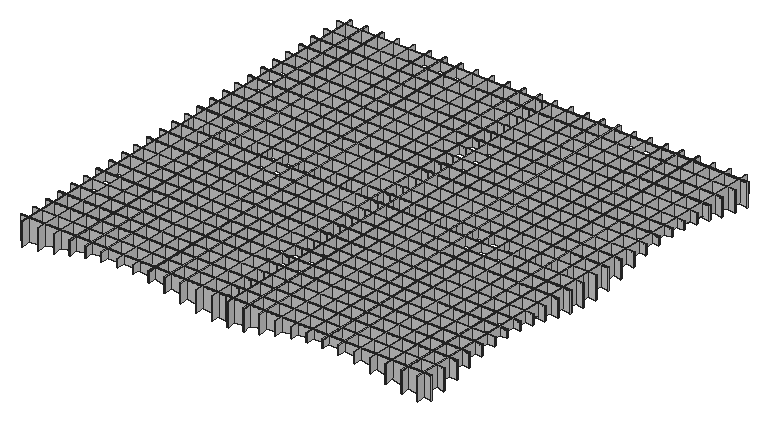
Revit family "CLD-WFL-002_RFA", category Modelos genéricos, Revit 2022 (continued)
Forms (in)
  Extrusion 417, solid
    sketch origin (128.40967, 216, 0) x (0, -1, 0) y (0, 0, 1)
      loop
        spline (86.99978, 4.87123) -> (87.72677, 4.83707) -> (88.45442, 4.80022) -> (89.18281, 4.7606) -> (89.91198, 4.7181) -> (90.642, 4.67263) -> (91.37294, 4.62408) -> (92.10486, 4.57237) -> (92.83781, 4.5174) -> (93.57187, 4.45907) -> (94.3071, 4.39728) -> (95.04355, 4.33194) -> (95.78122, 4.26301)
        spline (95.78122, 4.26301) -> (96.43065, 4.19725) -> (97.08095, 4.12847) -> (97.73207, 4.05667) -> (98.38393, 3.9819) -> (99.03648, 3.90417) -> (99.68963, 3.82352) -> (100.34334, 3.73996) -> (100.99753, 3.65352) -> (101.65213, 3.56424) -> (102.30709, 3.47213) -> (102.96233, 3.37722) -> (103.61778, 3.27954)
        spline (103.61778, 3.27954) -> (103.98302, 3.22342) -> (104.34828, 3.16655) -> (104.71355, 3.10893) -> (105.07882, 3.05057) -> (105.44409, 2.99146) -> (105.80934, 2.93162) -> (106.17456, 2.87105) -> (106.53976, 2.80974) -> (106.9049, 2.74771) -> (107.27, 2.68496) -> (107.63504, 2.62148) -> (108, 2.55729)
        line (108, 2.55729) -> (108, 11.82144)
    from -0.11811 to 0
  Extrusion 418, solid
    sketch origin (128.52778, 216, 0) x (0, -1, 0) y (0, 0, 1)
      loop
        line (108, 11.82144) -> (0, 11.82144) -> (0, 2.55729)
        spline (0, 2.55729) -> (0.32561, 2.61504) -> (0.65129, 2.67215) -> (0.97702, 2.72862) -> (1.3028, 2.78445) -> (1.62862, 2.83963) -> (1.95447, 2.89415) -> (2.28035, 2.94802) -> (2.60624, 3.00123) -> (2.93213, 3.05379) -> (3.25803, 3.10567) -> (3.58391, 3.15689) -> (3.90978, 3.20744)
        spline (3.90978, 3.20744) -> (4.64427, 3.31686) -> (5.37851, 3.42317) -> (6.11243, 3.52634) -> (6.84596, 3.62635) -> (7.57903, 3.72316) -> (8.31156, 3.81675) -> (9.04347, 3.90709) -> (9.77469, 3.99415) -> (10.50515, 4.07789) -> (11.23478, 4.1583) -> (11.96349, 4.23534) -> (12.69122, 4.30898)
        spline (12.69122, 4.30898) -> (13.34952, 4.37039) -> (14.00673, 4.4286) -> (14.66285, 4.48364) -> (15.31792, 4.53559) -> (15.97202, 4.58455) -> (16.62518, 4.63059) -> (17.27747, 4.67381) -> (17.92894, 4.71429) -> (18.57965, 4.75212) -> (19.22966, 4.78738) -> (19.87902, 4.82016) -> (20.52778, 4.85054)
        spline (20.52778, 4.85054) -> (21.26115, 4.88062) -> (21.99402, 4.90823) -> (22.72646, 4.93347) -> (23.45851, 4.95644) -> (24.19026, 4.97724) -> (24.92176, 4.99598) -> (25.65309, 5.01275) -> (26.38429, 5.02764) -> (27.11545, 5.04077) -> (27.84661, 5.05223) -> (28.57785, 5.06211) -> (29.30922, 5.07053)
        spline (29.30922, 5.07053) -> (29.95995, 5.07584) -> (30.61094, 5.08009) -> (31.26223, 5.08336) -> (31.91387, 5.08574) -> (32.56591, 5.08733) -> (33.21841, 5.0882) -> (33.87141, 5.08846) -> (34.52497, 5.08817) -> (35.17914, 5.08744) -> (35.83396, 5.08636) -> (36.48949, 5.085) -> (37.14578, 5.08346)
        spline (37.14578, 5.08346) -> (37.87194, 5.08165) -> (38.59907, 5.0799) -> (39.32723, 5.0783) -> (40.05647, 5.07696) -> (40.78684, 5.07594) -> (41.51831, 5.07527) -> (42.25083, 5.07491) -> (42.98434, 5.07483) -> (43.7188, 5.075) -> (44.45413, 5.07538) -> (45.19029, 5.07596) -> (45.92722, 5.0767)
        spline (45.92722, 5.0767) -> (46.57816, 5.07753) -> (47.22964, 5.07843) -> (47.88162, 5.07937) -> (48.53404, 5.08033) -> (49.18687, 5.08128) -> (49.84004, 5.0822) -> (50.49352, 5.08306) -> (51.14725, 5.08383) -> (51.80119, 5.0845) -> (52.45529, 5.08503) -> (53.1095, 5.0854) -> (53.76378, 5.08558)
        spline (53.76378, 5.08558) -> (54.49695, 5.08542) -> (55.23004, 5.08505) -> (55.96301, 5.0845) -> (56.6958, 5.0838) -> (57.42835, 5.08298) -> (58.16062, 5.08206) -> (58.89255, 5.08107) -> (59.62408, 5.08005) -> (60.35517, 5.07902) -> (61.08576, 5.07801) -> (61.81579, 5.07705) -> (62.54522, 5.07616)
        spline (62.54522, 5.07616) -> (63.20286, 5.07551) -> (63.85981, 5.075) -> (64.51602, 5.07466) -> (65.17144, 5.07452) -> (65.82603, 5.0746) -> (66.47973, 5.07493) -> (67.1325, 5.07554) -> (67.78428, 5.07645) -> (68.43505, 5.07766) -> (69.08486, 5.07909) -> (69.73376, 5.08066) -> (70.38178, 5.08229)
        spline (70.38178, 5.08229) -> (71.1172, 5.08386) -> (71.85177, 5.08523) -> (72.58555, 5.08629) -> (73.31859, 5.08695) -> (74.05095, 5.08712) -> (74.78269, 5.08668) -> (75.51386, 5.08555) -> (76.24453, 5.08362) -> (76.97474, 5.08079) -> (77.70455, 5.07697) -> (78.43403, 5.07206) -> (79.16322, 5.06596)
        spline (79.16322, 5.06596) -> (79.81589, 5.05858) -> (80.46845, 5.04989) -> (81.12094, 5.0398) -> (81.77342, 5.02821) -> (82.42595, 5.01505) -> (83.07858, 5.00022) -> (83.73137, 4.98363) -> (84.38439, 4.9652) -> (85.03768, 4.94483) -> (85.6913, 4.92244) -> (86.34531, 4.89793) -> (86.99978, 4.87123)
        spline (86.99978, 4.87123) -> (87.72677, 4.83707) -> (88.45442, 4.80022) -> (89.18281, 4.7606) -> (89.91198, 4.7181) -> (90.642, 4.67263) -> (91.37294, 4.62408) -> (92.10486, 4.57237) -> (92.83781, 4.5174) -> (93.57187, 4.45907) -> (94.3071, 4.39728) -> (95.04355, 4.33194) -> (95.78122, 4.26301)
        spline (95.78122, 4.26301) -> (96.43065, 4.19725) -> (97.08095, 4.12847) -> (97.73207, 4.05667) -> (98.38393, 3.9819) -> (99.03648, 3.90417) -> (99.68963, 3.82352) -> (100.34334, 3.73996) -> (100.99753, 3.65352) -> (101.65213, 3.56424) -> (102.30709, 3.47213) -> (102.96233, 3.37722) -> (103.61778, 3.27954)
        spline (103.61778, 3.27954) -> (103.98302, 3.22342) -> (104.34828, 3.16655) -> (104.71355, 3.10893) -> (105.07882, 3.05057) -> (105.44409, 2.99146) -> (105.80934, 2.93162) -> (106.17456, 2.87105) -> (106.53976, 2.80974) -> (106.9049, 2.74771) -> (107.27, 2.68496) -> (107.63504, 2.62148) -> (108, 2.55729)
        line (108, 2.55729) -> (108, 11.82144)
    from -0.47244 to 0
  Extrusion 419, solid
    sketch origin (136.71867, 216, 0) x (0, -1, 0) y (0, 0, 1)
      loop
        line (108, 11.82144) -> (0, 11.82144) -> (0, 4.58891)
        spline (0, 4.58891) -> (0.32561, 4.62796) -> (0.65129, 4.66617) -> (0.97702, 4.70353) -> (1.3028, 4.74004) -> (1.62862, 4.77569) -> (1.95447, 4.81048) -> (2.28035, 4.84439) -> (2.60624, 4.87743) -> (2.93213, 4.90957) -> (3.25803, 4.94083) -> (3.58391, 4.97119) -> (3.90978, 5.00064)
        spline (3.90978, 5.00064) -> (4.64427, 5.06081) -> (5.37851, 5.11675) -> (6.11244, 5.16838) -> (6.84597, 5.21566) -> (7.57904, 5.25851) -> (8.31157, 5.29688) -> (9.04348, 5.33072) -> (9.7747, 5.35995) -> (10.50516, 5.38452) -> (11.23478, 5.40437) -> (11.96349, 5.41944) -> (12.69122, 5.42966)
        spline (12.69122, 5.42966) -> (13.34952, 5.43128) -> (14.00673, 5.42829) -> (14.66285, 5.42076) -> (15.31792, 5.40886) -> (15.97202, 5.39278) -> (16.62518, 5.37269) -> (17.27747, 5.34877) -> (17.92894, 5.32119) -> (18.57965, 5.29014) -> (19.22966, 5.2558) -> (19.87902, 5.21833) -> (20.52778, 5.17793)
        spline (20.52778, 5.17793) -> (21.26115, 5.12722) -> (21.99402, 5.0737) -> (22.72645, 5.01759) -> (23.45851, 4.95908) -> (24.19025, 4.89838) -> (24.92176, 4.8357) -> (25.65308, 4.77124) -> (26.38429, 4.70521) -> (27.11544, 4.63782) -> (27.84661, 4.56926) -> (28.57785, 4.49975) -> (29.30922, 4.42949)
        spline (29.30922, 4.42949) -> (29.95995, 4.366) -> (30.61094, 4.30234) -> (31.26223, 4.2387) -> (31.91387, 4.17525) -> (32.56591, 4.11218) -> (33.21841, 4.04966) -> (33.87141, 3.98789) -> (34.52497, 3.92703) -> (35.17914, 3.86728) -> (35.83396, 3.80881) -> (36.48949, 3.75181) -> (37.14578, 3.69645)
        spline (37.14578, 3.69645) -> (37.87194, 3.63892) -> (38.59907, 3.58371) -> (39.32723, 3.53102) -> (40.05647, 3.48105) -> (40.78684, 3.43397) -> (41.51831, 3.38979) -> (42.25083, 3.34845) -> (42.98434, 3.30989) -> (43.7188, 3.27405) -> (44.45413, 3.24086) -> (45.19029, 3.21027) -> (45.92722, 3.18221)
        spline (45.92722, 3.18221) -> (46.57816, 3.16116) -> (47.22964, 3.14217) -> (47.88162, 3.12519) -> (48.53404, 3.11017) -> (49.18687, 3.09705) -> (49.84004, 3.08579) -> (50.49352, 3.07632) -> (51.14725, 3.06859) -> (51.80119, 3.06255) -> (52.45529, 3.05816) -> (53.1095, 3.05535) -> (53.76378, 3.05407)
        spline (53.76378, 3.05407) -> (54.49695, 3.0556) -> (55.23004, 3.05885) -> (55.96301, 3.06387) -> (56.6958, 3.07073) -> (57.42836, 3.07948) -> (58.16062, 3.09019) -> (58.89255, 3.10292) -> (59.62409, 3.11771) -> (60.35517, 3.13464) -> (61.08576, 3.15376) -> (61.81579, 3.17514) -> (62.54522, 3.19882)
        spline (62.54522, 3.19882) -> (63.20286, 3.22386) -> (63.85981, 3.25117) -> (64.51602, 3.28078) -> (65.17144, 3.31277) -> (65.82603, 3.34719) -> (66.47973, 3.38408) -> (67.1325, 3.42351) -> (67.78428, 3.46553) -> (68.43505, 3.51013) -> (69.08486, 3.55715) -> (69.73376, 3.60642) -> (70.38178, 3.65777)
        spline (70.38178, 3.65777) -> (71.1172, 3.71948) -> (71.85176, 3.78304) -> (72.58554, 3.84824) -> (73.31858, 3.91488) -> (74.05094, 3.98275) -> (74.78268, 4.05166) -> (75.51385, 4.12139) -> (76.24452, 4.19176) -> (76.97473, 4.26254) -> (77.70455, 4.33354) -> (78.43403, 4.40456) -> (79.16322, 4.47539)
        spline (79.16322, 4.47539) -> (79.80403, 4.53723) -> (80.44473, 4.59841) -> (81.08536, 4.65876) -> (81.72599, 4.7181) -> (82.36666, 4.77623) -> (83.00743, 4.83299) -> (83.64836, 4.88819) -> (84.28951, 4.94166) -> (84.93093, 4.9932) -> (85.57267, 5.04265) -> (86.21481, 5.08982) -> (86.85738, 5.13453)
        spline (86.85738, 5.13453) -> (87.59614, 5.18092) -> (88.33559, 5.22395) -> (89.07577, 5.26344) -> (89.81676, 5.29917) -> (90.55862, 5.33094) -> (91.30141, 5.35856) -> (92.04519, 5.38181) -> (92.79004, 5.4005) -> (93.53601, 5.41442) -> (94.28316, 5.42338) -> (95.03157, 5.42716) -> (95.78122, 5.4257)
        spline (95.78122, 5.4257) -> (96.43065, 5.41648) -> (97.08095, 5.40294) -> (97.73207, 5.38513) -> (98.38393, 5.36311) -> (99.03648, 5.33693) -> (99.68963, 5.30665) -> (100.34334, 5.27231) -> (100.99753, 5.23398) -> (101.65213, 5.19169) -> (102.30709, 5.14552) -> (102.96233, 5.09551) -> (103.61778, 5.04172)
        spline (103.61778, 5.04172) -> (103.98301, 5.00943) -> (104.34827, 4.97613) -> (104.71354, 4.94182) -> (105.07881, 4.90651) -> (105.44407, 4.8702) -> (105.80932, 4.83291) -> (106.17455, 4.79465) -> (106.53974, 4.75541) -> (106.90489, 4.71521) -> (107.26999, 4.67406) -> (107.63503, 4.63196) -> (108, 4.58891)
        line (108, 4.58891) -> (108, 11.82144)
    from -0.11811 to 0
  Extrusion 420, solid
    sketch origin (136.83678, 216, 0) x (0, -1, 0) y (0, 0, 1)
      loop
        line (108, 11.82144) -> (0, 11.82144) -> (0, 4.58891)
        spline (0, 4.58891) -> (0.32561, 4.62796) -> (0.65129, 4.66617) -> (0.97702, 4.70353) -> (1.3028, 4.74004) -> (1.62862, 4.77569) -> (1.95447, 4.81048) -> (2.28035, 4.84439) -> (2.60624, 4.87743) -> (2.93213, 4.90957) -> (3.25803, 4.94083) -> (3.58391, 4.97119) -> (3.90978, 5.00064)
        spline (3.90978, 5.00064) -> (4.64427, 5.06081) -> (5.37851, 5.11675) -> (6.11244, 5.16838) -> (6.84597, 5.21566) -> (7.57904, 5.25851) -> (8.31157, 5.29688) -> (9.04348, 5.33072) -> (9.7747, 5.35995) -> (10.50516, 5.38452) -> (11.23478, 5.40437) -> (11.96349, 5.41944) -> (12.69122, 5.42966)
        spline (12.69122, 5.42966) -> (13.34952, 5.43128) -> (14.00673, 5.42829) -> (14.66285, 5.42076) -> (15.31792, 5.40886) -> (15.97202, 5.39278) -> (16.62518, 5.37269) -> (17.27747, 5.34877) -> (17.92894, 5.32119) -> (18.57965, 5.29014) -> (19.22966, 5.2558) -> (19.87902, 5.21833) -> (20.52778, 5.17793)
        spline (20.52778, 5.17793) -> (21.26115, 5.12722) -> (21.99402, 5.0737) -> (22.72645, 5.01759) -> (23.45851, 4.95908) -> (24.19025, 4.89838) -> (24.92176, 4.8357) -> (25.65308, 4.77124) -> (26.38429, 4.70521) -> (27.11544, 4.63782) -> (27.84661, 4.56926) -> (28.57785, 4.49975) -> (29.30922, 4.42949)
        spline (29.30922, 4.42949) -> (29.95995, 4.366) -> (30.61094, 4.30234) -> (31.26223, 4.2387) -> (31.91387, 4.17525) -> (32.56591, 4.11218) -> (33.21841, 4.04966) -> (33.87141, 3.98789) -> (34.52497, 3.92703) -> (35.17914, 3.86728) -> (35.83396, 3.80881) -> (36.48949, 3.75181) -> (37.14578, 3.69645)
        spline (37.14578, 3.69645) -> (37.87194, 3.63892) -> (38.59907, 3.58371) -> (39.32723, 3.53102) -> (40.05647, 3.48105) -> (40.78684, 3.43397) -> (41.51831, 3.38979) -> (42.25083, 3.34845) -> (42.98434, 3.30989) -> (43.7188, 3.27405) -> (44.45413, 3.24086) -> (45.19029, 3.21027) -> (45.92722, 3.18221)
        spline (45.92722, 3.18221) -> (46.57816, 3.16116) -> (47.22964, 3.14217) -> (47.88162, 3.12519) -> (48.53404, 3.11017) -> (49.18687, 3.09705) -> (49.84004, 3.08579) -> (50.49352, 3.07632) -> (51.14725, 3.06859) -> (51.80119, 3.06255) -> (52.45529, 3.05816) -> (53.1095, 3.05535) -> (53.76378, 3.05407)
        spline (53.76378, 3.05407) -> (54.49695, 3.0556) -> (55.23004, 3.05885) -> (55.96301, 3.06387) -> (56.6958, 3.07073) -> (57.42836, 3.07948) -> (58.16062, 3.09019) -> (58.89255, 3.10292) -> (59.62409, 3.11771) -> (60.35517, 3.13464) -> (61.08576, 3.15376) -> (61.81579, 3.17514) -> (62.54522, 3.19882)
        spline (62.54522, 3.19882) -> (63.20286, 3.22386) -> (63.85981, 3.25117) -> (64.51602, 3.28078) -> (65.17144, 3.31277) -> (65.82603, 3.34719) -> (66.47973, 3.38408) -> (67.1325, 3.42351) -> (67.78428, 3.46553) -> (68.43505, 3.51013) -> (69.08486, 3.55715) -> (69.73376, 3.60642) -> (70.38178, 3.65777)
        spline (70.38178, 3.65777) -> (71.1172, 3.71948) -> (71.85176, 3.78304) -> (72.58554, 3.84824) -> (73.31858, 3.91488) -> (74.05094, 3.98275) -> (74.78268, 4.05166) -> (75.51385, 4.12139) -> (76.24452, 4.19176) -> (76.97473, 4.26254) -> (77.70455, 4.33354) -> (78.43403, 4.40456) -> (79.16322, 4.47539)
        spline (79.16322, 4.47539) -> (79.80403, 4.53723) -> (80.44473, 4.59841) -> (81.08536, 4.65876) -> (81.72599, 4.7181) -> (82.36666, 4.77623) -> (83.00743, 4.83299) -> (83.64836, 4.88819) -> (84.28951, 4.94166) -> (84.93093, 4.9932) -> (85.57267, 5.04265) -> (86.21481, 5.08982) -> (86.85738, 5.13453)
        spline (86.85738, 5.13453) -> (87.59614, 5.18092) -> (88.33559, 5.22395) -> (89.07577, 5.26344) -> (89.81676, 5.29917) -> (90.55862, 5.33094) -> (91.30141, 5.35856) -> (92.04519, 5.38181) -> (92.79004, 5.4005) -> (93.53601, 5.41442) -> (94.28316, 5.42338) -> (95.03157, 5.42716) -> (95.78122, 5.4257)
        spline (95.78122, 5.4257) -> (96.43065, 5.41648) -> (97.08095, 5.40294) -> (97.73207, 5.38513) -> (98.38393, 5.36311) -> (99.03648, 5.33693) -> (99.68963, 5.30665) -> (100.34334, 5.27231) -> (100.99753, 5.23398) -> (101.65213, 5.19169) -> (102.30709, 5.14552) -> (102.96233, 5.09551) -> (103.61778, 5.04172)
        spline (103.61778, 5.04172) -> (103.98301, 5.00943) -> (104.34827, 4.97613) -> (104.71354, 4.94182) -> (105.07881, 4.90651) -> (105.44407, 4.8702) -> (105.80932, 4.83291) -> (106.17455, 4.79465) -> (106.53974, 4.75541) -> (106.90489, 4.71521) -> (107.26999, 4.67406) -> (107.63503, 4.63196) -> (108, 4.58891)
        line (108, 4.58891) -> (108, 11.82144)
    from -0.47244 to 0
  Extrusion 421, solid
    sketch origin (145.02767, 216, 0) x (0, -1, 0) y (0, 0, 1)
      loop
        line (108, 11.82144) -> (0, 11.82144) -> (0, 6.40455)
        spline (0, 6.40455) -> (0.32561, 6.42139) -> (0.65129, 6.43729) -> (0.97702, 6.45226) -> (1.3028, 6.46628) -> (1.62862, 6.47935) -> (1.95447, 6.49146) -> (2.28035, 6.50259) -> (2.60624, 6.51274) -> (2.93213, 6.52189) -> (3.25803, 6.53005) -> (3.58391, 6.5372) -> (3.90978, 6.54334)
        spline (3.90978, 6.54334) -> (4.64427, 6.55011) -> (5.37852, 6.55208) -> (6.11244, 6.54917) -> (6.84598, 6.5413) -> (7.57905, 6.52839) -> (8.31157, 6.51035) -> (9.04349, 6.4871) -> (9.77471, 6.45856) -> (10.50517, 6.42465) -> (11.23479, 6.38528) -> (11.9635, 6.34038) -> (12.69122, 6.28985)
        spline (12.69122, 6.28985) -> (13.34952, 6.23514) -> (14.00673, 6.17505) -> (14.66285, 6.10968) -> (15.31792, 6.03926) -> (15.97202, 5.96405) -> (16.62518, 5.88427) -> (17.27747, 5.80017) -> (17.92894, 5.712) -> (18.57965, 5.62) -> (19.22966, 5.52441) -> (19.87902, 5.42547) -> (20.52778, 5.32343)
        spline (20.52778, 5.32343) -> (21.26115, 5.20293) -> (21.99402, 5.07965) -> (22.72645, 4.95385) -> (23.4585, 4.82583) -> (24.19025, 4.69586) -> (24.92176, 4.56423) -> (25.65308, 4.43121) -> (26.38429, 4.29709) -> (27.11544, 4.16214) -> (27.84661, 4.02665) -> (28.57785, 3.8909) -> (29.30922, 3.75516)
        spline (29.30922, 3.75516) -> (29.95995, 3.63466) -> (30.61094, 3.51485) -> (31.26223, 3.39599) -> (31.91387, 3.2783) -> (32.56591, 3.16206) -> (33.21841, 3.04749) -> (33.87141, 2.93486) -> (34.52497, 2.8244) -> (35.17914, 2.71637) -> (35.83396, 2.61101) -> (36.48949, 2.50857) -> (37.14578, 2.4093)
        spline (37.14578, 2.4093) -> (37.87194, 2.30632) -> (38.59907, 2.20751) -> (39.32723, 2.11315) -> (40.05647, 2.02349) -> (40.78684, 1.93878) -> (41.51831, 1.85902) -> (42.25083, 1.78415) -> (42.98434, 1.71406) -> (43.71879, 1.64869) -> (44.45413, 1.58794) -> (45.19029, 1.53174) -> (45.92722, 1.47999)
        spline (45.92722, 1.47999) -> (46.57816, 1.44092) -> (47.22964, 1.40553) -> (47.88162, 1.37376) -> (48.53404, 1.34552) -> (49.18687, 1.32076) -> (49.84004, 1.2994) -> (50.49352, 1.28136) -> (51.14725, 1.26658) -> (51.80119, 1.25497) -> (52.45529, 1.24648) -> (53.1095, 1.24101) -> (53.76378, 1.23852)
        spline (53.76378, 1.23852) -> (54.49695, 1.24145) -> (55.23005, 1.2477) -> (55.96302, 1.25736) -> (56.69581, 1.2705) -> (57.42836, 1.2872) -> (58.16063, 1.30755) -> (58.89256, 1.33163) -> (59.62409, 1.35951) -> (60.35518, 1.39128) -> (61.08577, 1.42702) -> (61.8158, 1.46681) -> (62.54522, 1.51073)
        spline (62.54522, 1.51073) -> (63.20286, 1.5569) -> (63.85981, 1.60706) -> (64.51602, 1.66127) -> (65.17144, 1.7196) -> (65.82603, 1.78214) -> (66.47973, 1.84896) -> (67.1325, 1.92013) -> (67.78428, 1.99572) -> (68.43505, 2.07573) -> (69.08486, 2.15994) -> (69.73376, 2.24811) -> (70.38178, 2.34001)
        spline (70.38178, 2.34001) -> (71.11719, 2.45082) -> (71.85175, 2.56518) -> (72.58552, 2.6828) -> (73.31856, 2.80343) -> (74.05092, 2.92677) -> (74.78266, 3.05256) -> (75.51384, 3.1805) -> (76.2445, 3.31033) -> (76.97472, 3.44177) -> (77.70454, 3.57454) -> (78.43402, 3.70836) -> (79.16322, 3.84296)
        spline (79.16322, 3.84296) -> (79.81589, 3.96449) -> (80.46845, 4.08604) -> (81.12094, 4.20735) -> (81.77342, 4.32817) -> (82.42595, 4.44826) -> (83.07858, 4.56736) -> (83.73137, 4.68523) -> (84.38439, 4.80161) -> (85.03768, 4.91625) -> (85.6913, 5.02891) -> (86.34531, 5.13933) -> (86.99978, 5.24726)
        spline (86.99978, 5.24726) -> (87.72678, 5.36123) -> (88.45444, 5.47173) -> (89.18283, 5.57848) -> (89.91201, 5.68121) -> (90.64203, 5.77964) -> (91.37298, 5.87351) -> (92.10489, 5.96254) -> (92.83785, 6.04646) -> (93.5719, 6.125) -> (94.30712, 6.19789) -> (95.04356, 6.26486) -> (95.78122, 6.32579)
        spline (95.78122, 6.32579) -> (96.46987, 6.37175) -> (97.15943, 6.41238) -> (97.84985, 6.44778) -> (98.54104, 6.47801) -> (99.23294, 6.50316) -> (99.92548, 6.5233) -> (100.61859, 6.53851) -> (101.3122, 6.54886) -> (102.00624, 6.55445) -> (102.70063, 6.55534) -> (103.39532, 6.55161) -> (104.09022, 6.54334)
        spline (104.09022, 6.54334) -> (104.41609, 6.5372) -> (104.74197, 6.53005) -> (105.06787, 6.52189) -> (105.39376, 6.51274) -> (105.71965, 6.50259) -> (106.04553, 6.49146) -> (106.37138, 6.47935) -> (106.6972, 6.46628) -> (107.02298, 6.45226) -> (107.34871, 6.43729) -> (107.67439, 6.42139) -> (108, 6.40455)
        line (108, 6.40455) -> (108, 11.82144)
    from -0.11811 to 0
  Extrusion 422, solid
    sketch origin (145.14578, 216, 0) x (0, -1, 0) y (0, 0, 1)
      loop
        line (108, 11.82144) -> (0, 11.82144) -> (0, 6.40455)
        spline (0, 6.40455) -> (0.32561, 6.42139) -> (0.65129, 6.43729) -> (0.97702, 6.45226) -> (1.3028, 6.46628) -> (1.62862, 6.47935) -> (1.95447, 6.49146) -> (2.28035, 6.50259) -> (2.60624, 6.51274) -> (2.93213, 6.52189) -> (3.25803, 6.53005) -> (3.58391, 6.5372) -> (3.90978, 6.54334)
        spline (3.90978, 6.54334) -> (4.64427, 6.55011) -> (5.37852, 6.55208) -> (6.11244, 6.54917) -> (6.84598, 6.5413) -> (7.57905, 6.52839) -> (8.31157, 6.51035) -> (9.04349, 6.4871) -> (9.77471, 6.45856) -> (10.50517, 6.42465) -> (11.23479, 6.38528) -> (11.9635, 6.34038) -> (12.69122, 6.28985)
        spline (12.69122, 6.28985) -> (13.34952, 6.23514) -> (14.00673, 6.17505) -> (14.66285, 6.10968) -> (15.31792, 6.03926) -> (15.97202, 5.96405) -> (16.62518, 5.88427) -> (17.27747, 5.80017) -> (17.92894, 5.712) -> (18.57965, 5.62) -> (19.22966, 5.52441) -> (19.87902, 5.42547) -> (20.52778, 5.32343)
        spline (20.52778, 5.32343) -> (21.26115, 5.20293) -> (21.99402, 5.07965) -> (22.72645, 4.95385) -> (23.4585, 4.82583) -> (24.19025, 4.69586) -> (24.92176, 4.56423) -> (25.65308, 4.43121) -> (26.38429, 4.29709) -> (27.11544, 4.16214) -> (27.84661, 4.02665) -> (28.57785, 3.8909) -> (29.30922, 3.75516)
        spline (29.30922, 3.75516) -> (29.95995, 3.63466) -> (30.61094, 3.51485) -> (31.26223, 3.39599) -> (31.91387, 3.2783) -> (32.56591, 3.16206) -> (33.21841, 3.04749) -> (33.87141, 2.93486) -> (34.52497, 2.8244) -> (35.17914, 2.71637) -> (35.83396, 2.61101) -> (36.48949, 2.50857) -> (37.14578, 2.4093)
        spline (37.14578, 2.4093) -> (37.87194, 2.30632) -> (38.59907, 2.20751) -> (39.32723, 2.11315) -> (40.05647, 2.02349) -> (40.78684, 1.93878) -> (41.51831, 1.85902) -> (42.25083, 1.78415) -> (42.98434, 1.71406) -> (43.71879, 1.64869) -> (44.45413, 1.58794) -> (45.19029, 1.53174) -> (45.92722, 1.47999)
        spline (45.92722, 1.47999) -> (46.57816, 1.44092) -> (47.22964, 1.40553) -> (47.88162, 1.37376) -> (48.53404, 1.34552) -> (49.18687, 1.32076) -> (49.84004, 1.2994) -> (50.49352, 1.28136) -> (51.14725, 1.26658) -> (51.80119, 1.25497) -> (52.45529, 1.24648) -> (53.1095, 1.24101) -> (53.76378, 1.23852)
        spline (53.76378, 1.23852) -> (54.49695, 1.24145) -> (55.23005, 1.2477) -> (55.96302, 1.25736) -> (56.69581, 1.2705) -> (57.42836, 1.2872) -> (58.16063, 1.30755) -> (58.89256, 1.33163) -> (59.62409, 1.35951) -> (60.35518, 1.39128) -> (61.08577, 1.42702) -> (61.8158, 1.46681) -> (62.54522, 1.51073)
        spline (62.54522, 1.51073) -> (63.20286, 1.5569) -> (63.85981, 1.60706) -> (64.51602, 1.66127) -> (65.17144, 1.7196) -> (65.82603, 1.78214) -> (66.47973, 1.84896) -> (67.1325, 1.92013) -> (67.78428, 1.99572) -> (68.43505, 2.07573) -> (69.08486, 2.15994) -> (69.73376, 2.24811) -> (70.38178, 2.34001)
        spline (70.38178, 2.34001) -> (71.11719, 2.45082) -> (71.85175, 2.56518) -> (72.58552, 2.6828) -> (73.31856, 2.80343) -> (74.05092, 2.92677) -> (74.78266, 3.05256) -> (75.51384, 3.1805) -> (76.2445, 3.31033) -> (76.97472, 3.44177) -> (77.70454, 3.57454) -> (78.43402, 3.70836) -> (79.16322, 3.84296)
        spline (79.16322, 3.84296) -> (79.81589, 3.96449) -> (80.46845, 4.08604) -> (81.12094, 4.20735) -> (81.77342, 4.32817) -> (82.42595, 4.44826) -> (83.07858, 4.56736) -> (83.73137, 4.68523) -> (84.38439, 4.80161) -> (85.03768, 4.91625) -> (85.6913, 5.02891) -> (86.34531, 5.13933) -> (86.99978, 5.24726)
        spline (86.99978, 5.24726) -> (87.72678, 5.36123) -> (88.45444, 5.47173) -> (89.18283, 5.57848) -> (89.91201, 5.68121) -> (90.64203, 5.77964) -> (91.37298, 5.87351) -> (92.10489, 5.96254) -> (92.83785, 6.04646) -> (93.5719, 6.125) -> (94.30712, 6.19789) -> (95.04356, 6.26486) -> (95.78122, 6.32579)
        spline (95.78122, 6.32579) -> (96.46987, 6.37175) -> (97.15943, 6.41238) -> (97.84985, 6.44778) -> (98.54104, 6.47801) -> (99.23294, 6.50316) -> (99.92548, 6.5233) -> (100.61859, 6.53851) -> (101.3122, 6.54886) -> (102.00624, 6.55445) -> (102.70063, 6.55534) -> (103.39532, 6.55161) -> (104.09022, 6.54334)
        spline (104.09022, 6.54334) -> (104.41609, 6.5372) -> (104.74197, 6.53005) -> (105.06787, 6.52189) -> (105.39376, 6.51274) -> (105.71965, 6.50259) -> (106.04553, 6.49146) -> (106.37138, 6.47935) -> (106.6972, 6.46628) -> (107.02298, 6.45226) -> (107.34871, 6.43729) -> (107.67439, 6.42139) -> (108, 6.40455)
        line (108, 6.40455) -> (108, 11.82144)
    from -0.47244 to 0
  Extrusion 423, solid
    sketch origin (153.33667, 216, 0) x (0, -1, 0) y (0, 0, 1)
      loop
        line (108, 11.82144) -> (0, 11.82144) -> (0, 7.49745)
        spline (0, 7.49745) -> (0.32561, 7.50061) -> (0.65129, 7.5028) -> (0.97702, 7.504) -> (1.3028, 7.50421) -> (1.62862, 7.5034) -> (1.95447, 7.50158) -> (2.28035, 7.49874) -> (2.60624, 7.49485) -> (2.93213, 7.48991) -> (3.25803, 7.48392) -> (3.58391, 7.47685) -> (3.90978, 7.46871)
        spline (3.90978, 7.46871) -> (4.64427, 7.44283) -> (5.37852, 7.41184) -> (6.11245, 7.37564) -> (6.84598, 7.33415) -> (7.57905, 7.28726) -> (8.31158, 7.23488) -> (9.04349, 7.17692) -> (9.77471, 7.11327) -> (10.50517, 7.04386) -> (11.23479, 6.96857) -> (11.9635, 6.88732) -> (12.69122, 6.80001)
        spline (12.69122, 6.80001) -> (13.34456, 6.71191) -> (13.99682, 6.61804) -> (14.64799, 6.5185) -> (15.29813, 6.41358) -> (15.94729, 6.30354) -> (16.59553, 6.18867) -> (17.2429, 6.06925) -> (17.88946, 5.94556) -> (18.53527, 5.81787) -> (19.18038, 5.68647) -> (19.82484, 5.55162) -> (20.46871, 5.41362)
        spline (20.46871, 5.41362) -> (21.20701, 5.25043) -> (21.94481, 5.08446) -> (22.68216, 4.91603) -> (23.41914, 4.74548) -> (24.15581, 4.57314) -> (24.89224, 4.39932) -> (25.62848, 4.22436) -> (26.36461, 4.04857) -> (27.10068, 3.8723) -> (27.83677, 3.69586) -> (28.57293, 3.51959) -> (29.30922, 3.3438)
        spline (29.30922, 3.3438) -> (29.95995, 3.18922) -> (30.61094, 3.03586) -> (31.26223, 2.884) -> (31.91387, 2.73392) -> (32.56591, 2.58591) -> (33.21841, 2.44027) -> (33.87141, 2.29726) -> (34.52497, 2.15719) -> (35.17914, 2.02034) -> (35.83396, 1.88699) -> (36.48949, 1.75744) -> (37.14578, 1.63196)
        spline (37.14578, 1.63196) -> (37.87194, 1.50186) -> (38.59907, 1.37703) -> (39.32723, 1.25779) -> (40.05647, 1.14445) -> (40.78684, 1.03728) -> (41.51831, 0.93629) -> (42.25083, 0.84139) -> (42.98434, 0.75249) -> (43.71879, 0.66948) -> (44.45413, 0.59228) -> (45.19029, 0.52078) -> (45.92722, 0.45488)
        spline (45.92722, 0.45488) -> (46.57816, 0.40504) -> (47.22964, 0.35985) -> (47.88162, 0.31924) -> (48.53404, 0.28312) -> (49.18687, 0.2514) -> (49.84004, 0.224) -> (50.49352, 0.20084) -> (51.14725, 0.18183) -> (51.80119, 0.1669) -> (52.45529, 0.15595) -> (53.1095, 0.14891) -> (53.76378, 0.14568)
        spline (53.76378, 0.14568) -> (54.49695, 0.14945) -> (55.23005, 0.1575) -> (55.96302, 0.16993) -> (56.69581, 0.18682) -> (57.42837, 0.20828) -> (58.16064, 0.23439) -> (58.89257, 0.26525) -> (59.6241, 0.30095) -> (60.35518, 0.34158) -> (61.08577, 0.38725) -> (61.8158, 0.43804) -> (62.54522, 0.49405)
        spline (62.54522, 0.49405) -> (63.20286, 0.55285) -> (63.85981, 0.61666) -> (64.51602, 0.68555) -> (65.17144, 0.75961) -> (65.82603, 0.83894) -> (66.47973, 0.92362) -> (67.1325, 1.01374) -> (67.78428, 1.10938) -> (68.43505, 1.21052) -> (69.08486, 1.31692) -> (69.73376, 1.42831) -> (70.38178, 1.54441)
        spline (70.38178, 1.54441) -> (71.11719, 1.68452) -> (71.85174, 1.82919) -> (72.58551, 1.97812) -> (73.31855, 2.13097) -> (74.05091, 2.28743) -> (74.78265, 2.44718) -> (75.51383, 2.60988) -> (76.24449, 2.77524) -> (76.97471, 2.94291) -> (77.70453, 3.11258) -> (78.43402, 3.28394) -> (79.16322, 3.45665)
        spline (79.16322, 3.45665) -> (79.81589, 3.61318) -> (80.46845, 3.77015) -> (81.12094, 3.92726) -> (81.77342, 4.08422) -> (82.42595, 4.24075) -> (83.07858, 4.39655) -> (83.73137, 4.55134) -> (84.38439, 4.70482) -> (85.03768, 4.85671) -> (85.6913, 5.00672) -> (86.34531, 5.15455) -> (86.99978, 5.29992)
        spline (86.99978, 5.29992) -> (87.72678, 5.4553) -> (88.45445, 5.60712) -> (89.18284, 5.75506) -> (89.91202, 5.8988) -> (90.64204, 6.03803) -> (91.37299, 6.17243) -> (92.1049, 6.3017) -> (92.83786, 6.42551) -> (93.57191, 6.54354) -> (94.30712, 6.6555) -> (95.04356, 6.76106) -> (95.78122, 6.8601)
        spline (95.78122, 6.8601) -> (96.43065, 6.93786) -> (97.08095, 7.01021) -> (97.73207, 7.07724) -> (98.38393, 7.13903) -> (99.03648, 7.19567) -> (99.68963, 7.24723) -> (100.34334, 7.29382) -> (100.99753, 7.33551) -> (101.65213, 7.37238) -> (102.30709, 7.40452) -> (102.96233, 7.43202) -> (103.61778, 7.45496)
        spline (103.61778, 7.45496) -> (103.98301, 7.46494) -> (104.34826, 7.47372) -> (104.71353, 7.4813) -> (105.0788, 7.48768) -> (105.44406, 7.4929) -> (105.80931, 7.49695) -> (106.17454, 7.49984) -> (106.53973, 7.5016) -> (106.90488, 7.50223) -> (107.26998, 7.50173) -> (107.63503, 7.50014) -> (108, 7.49745)
        line (108, 7.49745) -> (108, 11.82144)
    from -0.11811 to 0
  Extrusion 424, solid
    sketch origin (153.45478, 216, 0) x (0, -1, 0) y (0, 0, 1)
      loop
        line (108, 11.82144) -> (0, 11.82144) -> (0, 7.49745)
        spline (0, 7.49745) -> (0.32561, 7.50061) -> (0.65129, 7.5028) -> (0.97702, 7.504) -> (1.3028, 7.50421) -> (1.62862, 7.5034) -> (1.95447, 7.50158) -> (2.28035, 7.49874) -> (2.60624, 7.49485) -> (2.93213, 7.48991) -> (3.25803, 7.48392) -> (3.58391, 7.47685) -> (3.90978, 7.46871)
        spline (3.90978, 7.46871) -> (4.64427, 7.44283) -> (5.37852, 7.41184) -> (6.11245, 7.37564) -> (6.84598, 7.33415) -> (7.57905, 7.28726) -> (8.31158, 7.23488) -> (9.04349, 7.17692) -> (9.77471, 7.11327) -> (10.50517, 7.04386) -> (11.23479, 6.96857) -> (11.9635, 6.88732) -> (12.69122, 6.80001)
        spline (12.69122, 6.80001) -> (13.34456, 6.71191) -> (13.99682, 6.61804) -> (14.64799, 6.5185) -> (15.29813, 6.41358) -> (15.94729, 6.30354) -> (16.59553, 6.18867) -> (17.2429, 6.06925) -> (17.88946, 5.94556) -> (18.53527, 5.81787) -> (19.18038, 5.68647) -> (19.82484, 5.55162) -> (20.46871, 5.41362)
        spline (20.46871, 5.41362) -> (21.20701, 5.25043) -> (21.94481, 5.08446) -> (22.68216, 4.91603) -> (23.41914, 4.74548) -> (24.15581, 4.57314) -> (24.89224, 4.39932) -> (25.62848, 4.22436) -> (26.36461, 4.04857) -> (27.10068, 3.8723) -> (27.83677, 3.69586) -> (28.57293, 3.51959) -> (29.30922, 3.3438)
        spline (29.30922, 3.3438) -> (29.95995, 3.18922) -> (30.61094, 3.03586) -> (31.26223, 2.884) -> (31.91387, 2.73392) -> (32.56591, 2.58591) -> (33.21841, 2.44027) -> (33.87141, 2.29726) -> (34.52497, 2.15719) -> (35.17914, 2.02034) -> (35.83396, 1.88699) -> (36.48949, 1.75744) -> (37.14578, 1.63196)
        spline (37.14578, 1.63196) -> (37.87194, 1.50186) -> (38.59907, 1.37703) -> (39.32723, 1.25779) -> (40.05647, 1.14445) -> (40.78684, 1.03728) -> (41.51831, 0.93629) -> (42.25083, 0.84139) -> (42.98434, 0.75249) -> (43.71879, 0.66948) -> (44.45413, 0.59228) -> (45.19029, 0.52078) -> (45.92722, 0.45488)
        spline (45.92722, 0.45488) -> (46.57816, 0.40504) -> (47.22964, 0.35985) -> (47.88162, 0.31924) -> (48.53404, 0.28312) -> (49.18687, 0.2514) -> (49.84004, 0.224) -> (50.49352, 0.20084) -> (51.14725, 0.18183) -> (51.80119, 0.1669) -> (52.45529, 0.15595) -> (53.1095, 0.14891) -> (53.76378, 0.14568)
        spline (53.76378, 0.14568) -> (54.49695, 0.14945) -> (55.23005, 0.1575) -> (55.96302, 0.16993) -> (56.69581, 0.18682) -> (57.42837, 0.20828) -> (58.16064, 0.23439) -> (58.89257, 0.26525) -> (59.6241, 0.30095) -> (60.35518, 0.34158) -> (61.08577, 0.38725) -> (61.8158, 0.43804) -> (62.54522, 0.49405)
        spline (62.54522, 0.49405) -> (63.20286, 0.55285) -> (63.85981, 0.61666) -> (64.51602, 0.68555) -> (65.17144, 0.75961) -> (65.82603, 0.83894) -> (66.47973, 0.92362) -> (67.1325, 1.01374) -> (67.78428, 1.10938) -> (68.43505, 1.21052) -> (69.08486, 1.31692) -> (69.73376, 1.42831) -> (70.38178, 1.54441)
        spline (70.38178, 1.54441) -> (71.11719, 1.68452) -> (71.85174, 1.82919) -> (72.58551, 1.97812) -> (73.31855, 2.13097) -> (74.05091, 2.28743) -> (74.78265, 2.44718) -> (75.51383, 2.60988) -> (76.24449, 2.77524) -> (76.97471, 2.94291) -> (77.70453, 3.11258) -> (78.43402, 3.28394) -> (79.16322, 3.45665)
        spline (79.16322, 3.45665) -> (79.81589, 3.61318) -> (80.46845, 3.77015) -> (81.12094, 3.92726) -> (81.77342, 4.08422) -> (82.42595, 4.24075) -> (83.07858, 4.39655) -> (83.73137, 4.55134) -> (84.38439, 4.70482) -> (85.03768, 4.85671) -> (85.6913, 5.00672) -> (86.34531, 5.15455) -> (86.99978, 5.29992)
        spline (86.99978, 5.29992) -> (87.72678, 5.4553) -> (88.45445, 5.60712) -> (89.18284, 5.75506) -> (89.91202, 5.8988) -> (90.64204, 6.03803) -> (91.37299, 6.17243) -> (92.1049, 6.3017) -> (92.83786, 6.42551) -> (93.57191, 6.54354) -> (94.30712, 6.6555) -> (95.04356, 6.76106) -> (95.78122, 6.8601)
        spline (95.78122, 6.8601) -> (96.43065, 6.93786) -> (97.08095, 7.01021) -> (97.73207, 7.07724) -> (98.38393, 7.13903) -> (99.03648, 7.19567) -> (99.68963, 7.24723) -> (100.34334, 7.29382) -> (100.99753, 7.33551) -> (101.65213, 7.37238) -> (102.30709, 7.40452) -> (102.96233, 7.43202) -> (103.61778, 7.45496)
        spline (103.61778, 7.45496) -> (103.98301, 7.46494) -> (104.34826, 7.47372) -> (104.71353, 7.4813) -> (105.0788, 7.48768) -> (105.44406, 7.4929) -> (105.80931, 7.49695) -> (106.17454, 7.49984) -> (106.53973, 7.5016) -> (106.90488, 7.50223) -> (107.26998, 7.50173) -> (107.63503, 7.50014) -> (108, 7.49745)
        line (108, 7.49745) -> (108, 11.82144)
    from -0.47244 to 0
  Extrusion 425, solid
    sketch origin (161.64567, 216, 0) x (0, -1, 0) y (0, 0, 1)
      loop
        line (108, 11.82144) -> (0, 11.82144) -> (0, 7.82144)
        spline (0, 7.82144) -> (0.32561, 7.82095) -> (0.65129, 7.81946) -> (0.97702, 7.81696) -> (1.3028, 7.81344) -> (1.62862, 7.80889) -> (1.95447, 7.8033) -> (2.28035, 7.79666) -> (2.60624, 7.78896) -> (2.93213, 7.78018) -> (3.25803, 7.77032) -> (3.58391, 7.75937) -> (3.90978, 7.74731)
        spline (3.90978, 7.74731) -> (4.64427, 7.71242) -> (5.37852, 7.6723) -> (6.11245, 7.62684) -> (6.84598, 7.57595) -> (7.57905, 7.51952) -> (8.31158, 7.45747) -> (9.04349, 7.38968) -> (9.77471, 7.31607) -> (10.50517, 7.23653) -> (11.23479, 7.15095) -> (11.9635, 7.05926) -> (12.69122, 6.96133)
        spline (12.69122, 6.96133) -> (13.34952, 6.86267) -> (14.00673, 6.75803) -> (14.66285, 6.64752) -> (15.31792, 6.53144) -> (15.97202, 6.41007) -> (16.62518, 6.28371) -> (17.27747, 6.15266) -> (17.92894, 6.0172) -> (18.57965, 5.87763) -> (19.22966, 5.73424) -> (19.87902, 5.58733) -> (20.52778, 5.43719)
        spline (20.52778, 5.43719) -> (21.26115, 5.26223) -> (21.99402, 5.08449) -> (22.72645, 4.90432) -> (23.4585, 4.72204) -> (24.19025, 4.53802) -> (24.92176, 4.35257) -> (25.65308, 4.16604) -> (26.38429, 3.97878) -> (27.11545, 3.79111) -> (27.84661, 3.60337) -> (28.57785, 3.41592) -> (29.30922, 3.22908)
        spline (29.30922, 3.22908) -> (29.95995, 3.06408) -> (30.61094, 2.90045) -> (31.26223, 2.73848) -> (31.91387, 2.57847) -> (32.56591, 2.42072) -> (33.21841, 2.26553) -> (33.87141, 2.1132) -> (34.52497, 1.96402) -> (35.17914, 1.81831) -> (35.83396, 1.67635) -> (36.48949, 1.53845) -> (37.14578, 1.4049)
        spline (37.14578, 1.4049) -> (37.87194, 1.26645) -> (38.59907, 1.13361) -> (39.32723, 1.00672) -> (40.05647, 0.88609) -> (40.78684, 0.772) -> (41.51831, 0.66448) -> (42.25083, 0.56343) -> (42.98434, 0.46874) -> (43.71879, 0.38032) -> (44.45413, 0.29806) -> (45.19029, 0.22187) -> (45.92722, 0.15163)
        spline (45.92722, 0.15163) -> (46.57816, 0.09849) -> (47.22964, 0.0503) -> (47.88162, 0.00698) -> (48.53404, -0.03156) -> (49.18687, -0.06541) -> (49.84004, -0.09465) -> (50.49352, -0.11938) -> (51.14725, -0.13967) -> (51.80119, -0.15563) -> (52.45529, -0.16732) -> (53.1095, -0.17485) -> (53.76378, -0.1783)
        spline (53.76378, -0.1783) -> (54.49695, -0.17427) -> (55.23005, -0.16567) -> (55.96302, -0.1524) -> (56.69581, -0.13436) -> (57.42837, -0.11145) -> (58.16064, -0.08358) -> (58.89257, -0.05065) -> (59.6241, -0.01255) -> (60.35519, 0.0308) -> (61.08577, 0.07951) -> (61.8158, 0.13367) -> (62.54522, 0.19339)
        spline (62.54522, 0.19339) -> (63.20286, 0.25606) -> (63.85981, 0.32405) -> (64.51602, 0.39745) -> (65.17144, 0.47635) -> (65.82603, 0.56084) -> (66.47973, 0.65101) -> (67.1325, 0.74696) -> (67.78428, 0.84876) -> (68.43505, 0.95641) -> (69.08486, 1.06964) -> (69.73376, 1.18818) -> (70.38178, 1.31173)
        spline (70.38178, 1.31173) -> (71.11718, 1.46086) -> (71.85174, 1.61486) -> (72.58551, 1.77342) -> (73.31855, 1.93618) -> (74.05091, 2.10281) -> (74.78265, 2.27299) -> (75.51382, 2.44637) -> (76.24449, 2.62262) -> (76.97471, 2.8014) -> (77.70453, 2.98238) -> (78.43402, 3.16522) -> (79.16322, 3.34958)
        spline (79.16322, 3.34958) -> (79.81589, 3.5168) -> (80.46845, 3.68457) -> (81.12094, 3.85259) -> (81.77342, 4.02055) -> (82.42595, 4.18815) -> (83.07858, 4.35509) -> (83.73137, 4.52107) -> (84.38439, 4.68578) -> (85.03768, 4.84892) -> (85.6913, 5.01019) -> (86.34531, 5.16929) -> (86.99978, 5.32592)
        spline (86.99978, 5.32592) -> (87.72678, 5.49371) -> (88.45445, 5.65788) -> (89.18284, 5.8181) -> (89.91202, 5.97405) -> (90.64205, 6.12539) -> (91.37299, 6.27179) -> (92.10491, 6.41294) -> (92.83786, 6.54849) -> (93.57191, 6.67812) -> (94.30713, 6.8015) -> (95.04356, 6.9183) -> (95.78122, 7.02841)
        spline (95.78122, 7.02841) -> (96.43065, 7.11563) -> (97.08095, 7.1973) -> (97.73207, 7.2735) -> (98.38393, 7.34432) -> (99.03648, 7.40985) -> (99.68963, 7.47018) -> (100.34334, 7.52539) -> (100.99753, 7.57558) -> (101.65213, 7.62083) -> (102.30709, 7.66123) -> (102.96233, 7.69687) -> (103.61778, 7.72784)
        spline (103.61778, 7.72784) -> (103.98301, 7.74223) -> (104.34826, 7.75539) -> (104.71352, 7.76731) -> (105.07879, 7.77803) -> (105.44406, 7.78753) -> (105.80931, 7.79585) -> (106.17453, 7.80299) -> (106.53973, 7.80897) -> (106.90488, 7.81379) -> (107.26998, 7.81746) -> (107.63503, 7.82001) -> (108, 7.82144)
        line (108, 7.82144) -> (108, 11.82144)
    from -0.11811 to 0
  Extrusion 426, solid
    sketch origin (161.76378, 216, 0) x (0, -1, 0) y (0, 0, 1)
      loop
        line (108, 11.82144) -> (0, 11.82144) -> (0, 7.82144)
        spline (0, 7.82144) -> (0.32561, 7.82095) -> (0.65129, 7.81946) -> (0.97702, 7.81696) -> (1.3028, 7.81344) -> (1.62862, 7.80889) -> (1.95447, 7.8033) -> (2.28035, 7.79666) -> (2.60624, 7.78896) -> (2.93213, 7.78018) -> (3.25803, 7.77032) -> (3.58391, 7.75937) -> (3.90978, 7.74731)
        spline (3.90978, 7.74731) -> (4.64427, 7.71242) -> (5.37852, 7.6723) -> (6.11245, 7.62684) -> (6.84598, 7.57595) -> (7.57905, 7.51952) -> (8.31158, 7.45747) -> (9.04349, 7.38968) -> (9.77471, 7.31607) -> (10.50517, 7.23653) -> (11.23479, 7.15095) -> (11.9635, 7.05926) -> (12.69122, 6.96133)
        spline (12.69122, 6.96133) -> (13.34952, 6.86267) -> (14.00673, 6.75803) -> (14.66285, 6.64752) -> (15.31792, 6.53144) -> (15.97202, 6.41007) -> (16.62518, 6.28371) -> (17.27747, 6.15266) -> (17.92894, 6.0172) -> (18.57965, 5.87763) -> (19.22966, 5.73424) -> (19.87902, 5.58733) -> (20.52778, 5.43719)
        spline (20.52778, 5.43719) -> (21.26115, 5.26223) -> (21.99402, 5.08449) -> (22.72645, 4.90432) -> (23.4585, 4.72204) -> (24.19025, 4.53802) -> (24.92176, 4.35257) -> (25.65308, 4.16604) -> (26.38429, 3.97878) -> (27.11545, 3.79111) -> (27.84661, 3.60337) -> (28.57785, 3.41592) -> (29.30922, 3.22908)
        spline (29.30922, 3.22908) -> (29.95995, 3.06408) -> (30.61094, 2.90045) -> (31.26223, 2.73848) -> (31.91387, 2.57847) -> (32.56591, 2.42072) -> (33.21841, 2.26553) -> (33.87141, 2.1132) -> (34.52497, 1.96402) -> (35.17914, 1.81831) -> (35.83396, 1.67635) -> (36.48949, 1.53845) -> (37.14578, 1.4049)
        spline (37.14578, 1.4049) -> (37.87194, 1.26645) -> (38.59907, 1.13361) -> (39.32723, 1.00672) -> (40.05647, 0.88609) -> (40.78684, 0.772) -> (41.51831, 0.66448) -> (42.25083, 0.56343) -> (42.98434, 0.46874) -> (43.71879, 0.38032) -> (44.45413, 0.29806) -> (45.19029, 0.22187) -> (45.92722, 0.15163)
        spline (45.92722, 0.15163) -> (46.57816, 0.09849) -> (47.22964, 0.0503) -> (47.88162, 0.00698) -> (48.53404, -0.03156) -> (49.18687, -0.06541) -> (49.84004, -0.09465) -> (50.49352, -0.11938) -> (51.14725, -0.13967) -> (51.80119, -0.15563) -> (52.45529, -0.16732) -> (53.1095, -0.17485) -> (53.76378, -0.1783)
        spline (53.76378, -0.1783) -> (54.49695, -0.17427) -> (55.23005, -0.16567) -> (55.96302, -0.1524) -> (56.69581, -0.13436) -> (57.42837, -0.11145) -> (58.16064, -0.08358) -> (58.89257, -0.05065) -> (59.6241, -0.01255) -> (60.35519, 0.0308) -> (61.08577, 0.07951) -> (61.8158, 0.13367) -> (62.54522, 0.19339)
        spline (62.54522, 0.19339) -> (63.20286, 0.25606) -> (63.85981, 0.32405) -> (64.51602, 0.39745) -> (65.17144, 0.47635) -> (65.82603, 0.56084) -> (66.47973, 0.65101) -> (67.1325, 0.74696) -> (67.78428, 0.84876) -> (68.43505, 0.95641) -> (69.08486, 1.06964) -> (69.73376, 1.18818) -> (70.38178, 1.31173)
        spline (70.38178, 1.31173) -> (71.11718, 1.46086) -> (71.85174, 1.61486) -> (72.58551, 1.77342) -> (73.31855, 1.93618) -> (74.05091, 2.10281) -> (74.78265, 2.27299) -> (75.51382, 2.44637) -> (76.24449, 2.62262) -> (76.97471, 2.8014) -> (77.70453, 2.98238) -> (78.43402, 3.16522) -> (79.16322, 3.34958)
        spline (79.16322, 3.34958) -> (79.81589, 3.5168) -> (80.46845, 3.68457) -> (81.12094, 3.85259) -> (81.77342, 4.02055) -> (82.42595, 4.18815) -> (83.07858, 4.35509) -> (83.73137, 4.52107) -> (84.38439, 4.68578) -> (85.03768, 4.84892) -> (85.6913, 5.01019) -> (86.34531, 5.16929) -> (86.99978, 5.32592)
        spline (86.99978, 5.32592) -> (87.72678, 5.49371) -> (88.45445, 5.65788) -> (89.18284, 5.8181) -> (89.91202, 5.97405) -> (90.64205, 6.12539) -> (91.37299, 6.27179) -> (92.10491, 6.41294) -> (92.83786, 6.54849) -> (93.57191, 6.67812) -> (94.30713, 6.8015) -> (95.04356, 6.9183) -> (95.78122, 7.02841)
        spline (95.78122, 7.02841) -> (96.43065, 7.11563) -> (97.08095, 7.1973) -> (97.73207, 7.2735) -> (98.38393, 7.34432) -> (99.03648, 7.40985) -> (99.68963, 7.47018) -> (100.34334, 7.52539) -> (100.99753, 7.57558) -> (101.65213, 7.62083) -> (102.30709, 7.66123) -> (102.96233, 7.69687) -> (103.61778, 7.72784)
        spline (103.61778, 7.72784) -> (103.98301, 7.74223) -> (104.34826, 7.75539) -> (104.71352, 7.76731) -> (105.07879, 7.77803) -> (105.44406, 7.78753) -> (105.80931, 7.79585) -> (106.17453, 7.80299) -> (106.53973, 7.80897) -> (106.90488, 7.81379) -> (107.26998, 7.81746) -> (107.63503, 7.82001) -> (108, 7.82144)
        line (108, 7.82144) -> (108, 11.82144)
    from -0.47244 to 0
  Extrusion 427, solid
    sketch origin (162.23622, 216, 0) x (0, -1, 0) y (0, 0, 1)
      loop
        line (108, 11.82144) -> (0, 11.82144) -> (0, 7.82144)
        spline (0, 7.82144) -> (0.32561, 7.82095) -> (0.65129, 7.81946) -> (0.97702, 7.81696) -> (1.3028, 7.81344) -> (1.62862, 7.80889) -> (1.95447, 7.8033) -> (2.28035, 7.79666) -> (2.60624, 7.78896) -> (2.93213, 7.78018) -> (3.25803, 7.77032) -> (3.58391, 7.75937) -> (3.90978, 7.74731)
        spline (3.90978, 7.74731) -> (4.64427, 7.71242) -> (5.37852, 7.6723) -> (6.11245, 7.62684) -> (6.84598, 7.57595) -> (7.57905, 7.51952) -> (8.31158, 7.45747) -> (9.04349, 7.38968) -> (9.77471, 7.31607) -> (10.50517, 7.23653) -> (11.23479, 7.15095) -> (11.9635, 7.05926) -> (12.69122, 6.96133)
        spline (12.69122, 6.96133) -> (13.34952, 6.86267) -> (14.00673, 6.75803) -> (14.66285, 6.64752) -> (15.31792, 6.53144) -> (15.97202, 6.41007) -> (16.62518, 6.28371) -> (17.27747, 6.15266) -> (17.92894, 6.0172) -> (18.57965, 5.87763) -> (19.22966, 5.73424) -> (19.87902, 5.58733) -> (20.52778, 5.43719)
        spline (20.52778, 5.43719) -> (21.26115, 5.26223) -> (21.99402, 5.08449) -> (22.72645, 4.90432) -> (23.4585, 4.72204) -> (24.19025, 4.53802) -> (24.92176, 4.35257) -> (25.65308, 4.16604) -> (26.38429, 3.97878) -> (27.11545, 3.79111) -> (27.84661, 3.60337) -> (28.57785, 3.41592) -> (29.30922, 3.22908)
        spline (29.30922, 3.22908) -> (29.95995, 3.06408) -> (30.61094, 2.90045) -> (31.26223, 2.73848) -> (31.91387, 2.57847) -> (32.56591, 2.42072) -> (33.21841, 2.26553) -> (33.87141, 2.1132) -> (34.52497, 1.96402) -> (35.17914, 1.81831) -> (35.83396, 1.67635) -> (36.48949, 1.53845) -> (37.14578, 1.4049)
        spline (37.14578, 1.4049) -> (37.87194, 1.26645) -> (38.59907, 1.13361) -> (39.32723, 1.00672) -> (40.05647, 0.88609) -> (40.78684, 0.772) -> (41.51831, 0.66448) -> (42.25083, 0.56343) -> (42.98434, 0.46874) -> (43.71879, 0.38032) -> (44.45413, 0.29806) -> (45.19029, 0.22187) -> (45.92722, 0.15163)
        spline (45.92722, 0.15163) -> (46.57816, 0.09849) -> (47.22964, 0.0503) -> (47.88162, 0.00698) -> (48.53404, -0.03156) -> (49.18687, -0.06541) -> (49.84004, -0.09465) -> (50.49352, -0.11938) -> (51.14725, -0.13967) -> (51.80119, -0.15563) -> (52.45529, -0.16732) -> (53.1095, -0.17485) -> (53.76378, -0.1783)
        spline (53.76378, -0.1783) -> (54.49695, -0.17427) -> (55.23005, -0.16567) -> (55.96302, -0.1524) -> (56.69581, -0.13436) -> (57.42837, -0.11145) -> (58.16064, -0.08358) -> (58.89257, -0.05065) -> (59.6241, -0.01255) -> (60.35519, 0.0308) -> (61.08577, 0.07951) -> (61.8158, 0.13367) -> (62.54522, 0.19339)
        spline (62.54522, 0.19339) -> (63.20286, 0.25606) -> (63.85981, 0.32405) -> (64.51602, 0.39745) -> (65.17144, 0.47635) -> (65.82603, 0.56084) -> (66.47973, 0.65101) -> (67.1325, 0.74696) -> (67.78428, 0.84876) -> (68.43505, 0.95641) -> (69.08486, 1.06964) -> (69.73376, 1.18818) -> (70.38178, 1.31173)
        spline (70.38178, 1.31173) -> (71.11718, 1.46086) -> (71.85174, 1.61486) -> (72.58551, 1.77342) -> (73.31855, 1.93618) -> (74.05091, 2.10281) -> (74.78265, 2.27299) -> (75.51382, 2.44637) -> (76.24449, 2.62262) -> (76.97471, 2.8014) -> (77.70453, 2.98238) -> (78.43402, 3.16522) -> (79.16322, 3.34958)
        spline (79.16322, 3.34958) -> (79.81589, 3.5168) -> (80.46845, 3.68457) -> (81.12094, 3.85259) -> (81.77342, 4.02055) -> (82.42595, 4.18815) -> (83.07858, 4.35509) -> (83.73137, 4.52107) -> (84.38439, 4.68578) -> (85.03768, 4.84892) -> (85.6913, 5.01019) -> (86.34531, 5.16929) -> (86.99978, 5.32592)
        spline (86.99978, 5.32592) -> (87.72678, 5.49371) -> (88.45445, 5.65788) -> (89.18284, 5.8181) -> (89.91202, 5.97405) -> (90.64205, 6.12539) -> (91.37299, 6.27179) -> (92.10491, 6.41294) -> (92.83786, 6.54849) -> (93.57191, 6.67812) -> (94.30713, 6.8015) -> (95.04356, 6.9183) -> (95.78122, 7.02841)
        spline (95.78122, 7.02841) -> (96.43065, 7.11563) -> (97.08095, 7.1973) -> (97.73207, 7.2735) -> (98.38393, 7.34432) -> (99.03648, 7.40985) -> (99.68963, 7.47018) -> (100.34334, 7.52539) -> (100.99753, 7.57558) -> (101.65213, 7.62083) -> (102.30709, 7.66123) -> (102.96233, 7.69687) -> (103.61778, 7.72784)
        spline (103.61778, 7.72784) -> (103.98301, 7.74223) -> (104.34826, 7.75539) -> (104.71352, 7.76731) -> (105.07879, 7.77803) -> (105.44406, 7.78753) -> (105.80931, 7.79585) -> (106.17453, 7.80299) -> (106.53973, 7.80897) -> (106.90488, 7.81379) -> (107.26998, 7.81746) -> (107.63503, 7.82001) -> (108, 7.82144)
        line (108, 7.82144) -> (108, 11.82144)
    from -0.11811 to 0
  Extrusion 428, solid
    sketch origin (153.92722, 216, 0) x (0, -1, 0) y (0, 0, 1)
      loop
        line (108, 11.82144) -> (0, 11.82144) -> (0, 7.49745)
        spline (0, 7.49745) -> (0.32561, 7.50061) -> (0.65129, 7.5028) -> (0.97702, 7.504) -> (1.3028, 7.50421) -> (1.62862, 7.5034) -> (1.95447, 7.50158) -> (2.28035, 7.49874) -> (2.60624, 7.49485) -> (2.93213, 7.48991) -> (3.25803, 7.48392) -> (3.58391, 7.47685) -> (3.90978, 7.46871)
        spline (3.90978, 7.46871) -> (4.64427, 7.44283) -> (5.37852, 7.41184) -> (6.11245, 7.37564) -> (6.84598, 7.33415) -> (7.57905, 7.28726) -> (8.31158, 7.23488) -> (9.04349, 7.17692) -> (9.77471, 7.11327) -> (10.50517, 7.04386) -> (11.23479, 6.96857) -> (11.9635, 6.88732) -> (12.69122, 6.80001)
        spline (12.69122, 6.80001) -> (13.34456, 6.71191) -> (13.99682, 6.61804) -> (14.64799, 6.5185) -> (15.29813, 6.41358) -> (15.94729, 6.30354) -> (16.59553, 6.18867) -> (17.2429, 6.06925) -> (17.88946, 5.94556) -> (18.53527, 5.81787) -> (19.18038, 5.68647) -> (19.82484, 5.55162) -> (20.46871, 5.41362)
        spline (20.46871, 5.41362) -> (21.20701, 5.25043) -> (21.94481, 5.08446) -> (22.68216, 4.91603) -> (23.41914, 4.74548) -> (24.15581, 4.57314) -> (24.89224, 4.39932) -> (25.62848, 4.22436) -> (26.36461, 4.04857) -> (27.10068, 3.8723) -> (27.83677, 3.69586) -> (28.57293, 3.51959) -> (29.30922, 3.3438)
        spline (29.30922, 3.3438) -> (29.95995, 3.18922) -> (30.61094, 3.03586) -> (31.26223, 2.884) -> (31.91387, 2.73392) -> (32.56591, 2.58591) -> (33.21841, 2.44027) -> (33.87141, 2.29726) -> (34.52497, 2.15719) -> (35.17914, 2.02034) -> (35.83396, 1.88699) -> (36.48949, 1.75744) -> (37.14578, 1.63196)
        spline (37.14578, 1.63196) -> (37.87194, 1.50186) -> (38.59907, 1.37703) -> (39.32723, 1.25779) -> (40.05647, 1.14445) -> (40.78684, 1.03728) -> (41.51831, 0.93629) -> (42.25083, 0.84139) -> (42.98434, 0.75249) -> (43.71879, 0.66948) -> (44.45413, 0.59228) -> (45.19029, 0.52078) -> (45.92722, 0.45488)
        spline (45.92722, 0.45488) -> (46.57816, 0.40504) -> (47.22964, 0.35985) -> (47.88162, 0.31924) -> (48.53404, 0.28312) -> (49.18687, 0.2514) -> (49.84004, 0.224) -> (50.49352, 0.20084) -> (51.14725, 0.18183) -> (51.80119, 0.1669) -> (52.45529, 0.15595) -> (53.1095, 0.14891) -> (53.76378, 0.14568)
        spline (53.76378, 0.14568) -> (54.49695, 0.14945) -> (55.23005, 0.1575) -> (55.96302, 0.16993) -> (56.69581, 0.18682) -> (57.42837, 0.20828) -> (58.16064, 0.23439) -> (58.89257, 0.26525) -> (59.6241, 0.30095) -> (60.35518, 0.34158) -> (61.08577, 0.38725) -> (61.8158, 0.43804) -> (62.54522, 0.49405)
        spline (62.54522, 0.49405) -> (63.20286, 0.55285) -> (63.85981, 0.61666) -> (64.51602, 0.68555) -> (65.17144, 0.75961) -> (65.82603, 0.83894) -> (66.47973, 0.92362) -> (67.1325, 1.01374) -> (67.78428, 1.10938) -> (68.43505, 1.21052) -> (69.08486, 1.31692) -> (69.73376, 1.42831) -> (70.38178, 1.54441)
        spline (70.38178, 1.54441) -> (71.11719, 1.68452) -> (71.85174, 1.82919) -> (72.58551, 1.97812) -> (73.31855, 2.13097) -> (74.05091, 2.28743) -> (74.78265, 2.44718) -> (75.51383, 2.60988) -> (76.24449, 2.77524) -> (76.97471, 2.94291) -> (77.70453, 3.11258) -> (78.43402, 3.28394) -> (79.16322, 3.45665)
        spline (79.16322, 3.45665) -> (79.81589, 3.61318) -> (80.46845, 3.77015) -> (81.12094, 3.92726) -> (81.77342, 4.08422) -> (82.42595, 4.24075) -> (83.07858, 4.39655) -> (83.73137, 4.55134) -> (84.38439, 4.70482) -> (85.03768, 4.85671) -> (85.6913, 5.00672) -> (86.34531, 5.15455) -> (86.99978, 5.29992)
        spline (86.99978, 5.29992) -> (87.72678, 5.4553) -> (88.45445, 5.60712) -> (89.18284, 5.75506) -> (89.91202, 5.8988) -> (90.64204, 6.03803) -> (91.37299, 6.17243) -> (92.1049, 6.3017) -> (92.83786, 6.42551) -> (93.57191, 6.54354) -> (94.30712, 6.6555) -> (95.04356, 6.76106) -> (95.78122, 6.8601)
        spline (95.78122, 6.8601) -> (96.43065, 6.93786) -> (97.08095, 7.01021) -> (97.73207, 7.07724) -> (98.38393, 7.13903) -> (99.03648, 7.19567) -> (99.68963, 7.24723) -> (100.34334, 7.29382) -> (100.99753, 7.33551) -> (101.65213, 7.37238) -> (102.30709, 7.40452) -> (102.96233, 7.43202) -> (103.61778, 7.45496)
        spline (103.61778, 7.45496) -> (103.98301, 7.46494) -> (104.34826, 7.47372) -> (104.71353, 7.4813) -> (105.0788, 7.48768) -> (105.44406, 7.4929) -> (105.80931, 7.49695) -> (106.17454, 7.49984) -> (106.53973, 7.5016) -> (106.90488, 7.50223) -> (107.26998, 7.50173) -> (107.63503, 7.50014) -> (108, 7.49745)
        line (108, 7.49745) -> (108, 11.82144)
    from -0.11811 to 0
  Extrusion 429, solid
    sketch origin (145.61822, 216, 0) x (0, -1, 0) y (0, 0, 1)
      loop
        line (108, 11.82144) -> (0, 11.82144) -> (0, 6.40455)
        spline (0, 6.40455) -> (0.32561, 6.42139) -> (0.65129, 6.43729) -> (0.97702, 6.45226) -> (1.3028, 6.46628) -> (1.62862, 6.47935) -> (1.95447, 6.49146) -> (2.28035, 6.50259) -> (2.60624, 6.51274) -> (2.93213, 6.52189) -> (3.25803, 6.53005) -> (3.58391, 6.5372) -> (3.90978, 6.54334)
        spline (3.90978, 6.54334) -> (4.64427, 6.55011) -> (5.37852, 6.55208) -> (6.11244, 6.54917) -> (6.84598, 6.5413) -> (7.57905, 6.52839) -> (8.31157, 6.51035) -> (9.04349, 6.4871) -> (9.77471, 6.45856) -> (10.50517, 6.42465) -> (11.23479, 6.38528) -> (11.9635, 6.34038) -> (12.69122, 6.28985)
        spline (12.69122, 6.28985) -> (13.34952, 6.23514) -> (14.00673, 6.17505) -> (14.66285, 6.10968) -> (15.31792, 6.03926) -> (15.97202, 5.96405) -> (16.62518, 5.88427) -> (17.27747, 5.80017) -> (17.92894, 5.712) -> (18.57965, 5.62) -> (19.22966, 5.52441) -> (19.87902, 5.42547) -> (20.52778, 5.32343)
        spline (20.52778, 5.32343) -> (21.26115, 5.20293) -> (21.99402, 5.07965) -> (22.72645, 4.95385) -> (23.4585, 4.82583) -> (24.19025, 4.69586) -> (24.92176, 4.56423) -> (25.65308, 4.43121) -> (26.38429, 4.29709) -> (27.11544, 4.16214) -> (27.84661, 4.02665) -> (28.57785, 3.8909) -> (29.30922, 3.75516)
        spline (29.30922, 3.75516) -> (29.95995, 3.63466) -> (30.61094, 3.51485) -> (31.26223, 3.39599) -> (31.91387, 3.2783) -> (32.56591, 3.16206) -> (33.21841, 3.04749) -> (33.87141, 2.93486) -> (34.52497, 2.8244) -> (35.17914, 2.71637) -> (35.83396, 2.61101) -> (36.48949, 2.50857) -> (37.14578, 2.4093)
